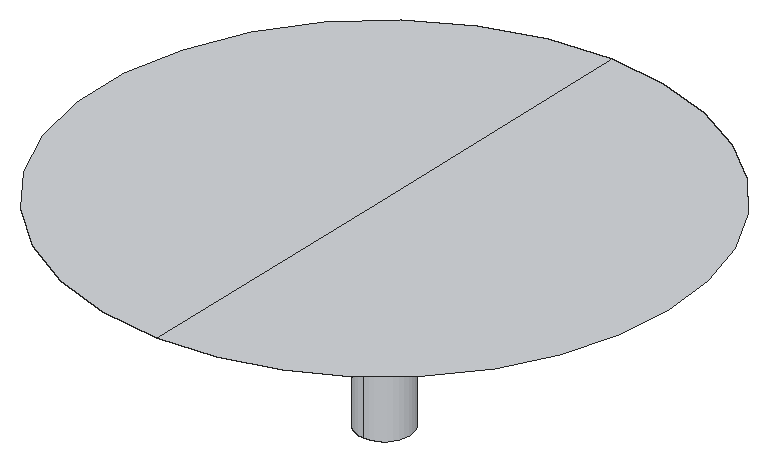
Revit family "Аэратор VM-BP D260", category Соединительные детали трубопроводов, Revit 2027
Family settings
  Размер круглого соединителя = Использовать диаметр
  Тип детали = Отвод
  На основе рабочей плоскости = Нет
  Всегда вертикально = Да
  При загрузке вырезать с полостями = Нет
  Общий = Нет
Parameters
  Отметка по умолчанию = 0 mm
  ADSK_Наименование = "Аэратор"
  ADSK_Марка = "VM-BP D260"
Reference planes
  plane 1 "По центру (Вперед/Назад)": y = 0
  plane 2: z = 0
  plane 3 "По центру (Влево/Вправо)": x = 0
Forms (mm)
  Revolve 1, solid
    sketch origin (0, 0, 0) x (0, 1, 0) y (0, 0, 1)
      loop
        line (0, 0) -> (0, 100) -> (-140, 100) -> (-12.5, 50) -> (-12.5, 0) -> (0, 0)
      axis (0, 100) -> (0, 0)
    angle from 0 to 360
Dimensions and locks
  aligned and locked: level to plane 2
Connectors
  piping at (0, 0, 0), diameter 25
    settings: on Revolve 1, index 1, connector inside diameter 609.6 mm, connector length 0 mm, flow factor 0, pipe flow 0.0 L/s, pressure drop 0.0 Pa, fitting loss kfactor 0, connector angle 0.00°, fixture units 0, engagement length 0 mm, angle of deflection 0.00°, flow configuration 0, flow direction 0, fitting loss method 0, system type 20, joint type 0, gender type 0, connector reference index -1, connector utility 0, adjustable connector no, is connector primary yes, connector description ""
